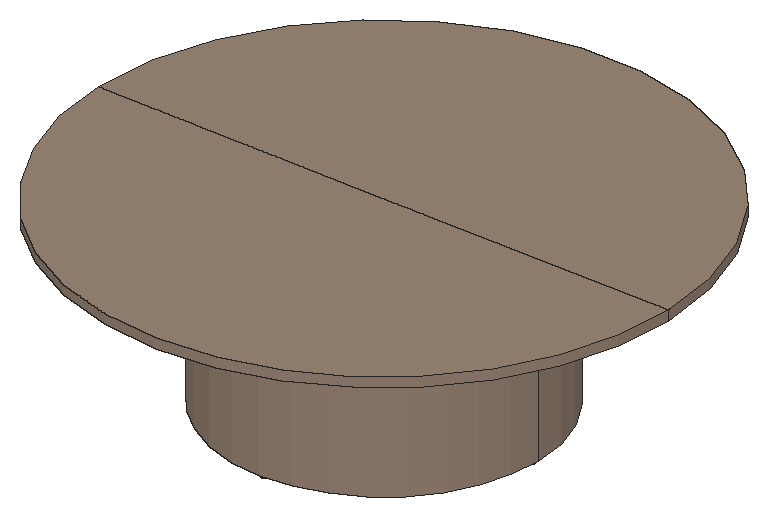
Revit family "Table-Teknion-CFRFFD_Figure_Table_Round_Drum_Base_Flat_Edge-R2023", category Furniture, Revit 2023 (continued)
Definition of nested family "7 Inch Compact Recessed Access Door"
  Forms (in)
    SweptBlend 7, solid, material <- "Finish"
      end profile origin (1350, -150, 29.06) x (-1, 0, 0) y (0, -1, 0)
        loop
          line (3.35074, -2.28346) -> (3.35074, 2.28346)
          arc (3.35074, 2.28346) -> (3.24455, 2.53983) -> (2.98819, 2.64602) r 0.36255
    SweptBlend 8, void
      path origin (0, -150, 0) x (1, 0, 0) y (0, 0, 1)
        loop
          line (1350, 28.30172) -> (1350, 29.13087)
      profile origin (1350, -150, 28.30172) x (-1, 0, 0) y (0, -1, 0)
        loop
          arc (-2.98819, 2.51573) -> (-3.15242, 2.4477) -> (-3.22045, 2.28346) r 0.23226
          line (-3.22045, 2.28346) -> (-3.22045, -2.28346)
          arc (-3.22045, -2.28346) -> (-3.15242, -2.4477) -> (-2.98819, -2.51573) r 0.23226
          line (-2.98819, -2.51573) -> (2.98819, -2.51573)
          arc (2.98819, -2.51573) -> (3.15242, -2.4477) -> (3.22045, -2.28346) r 0.23226
          line (3.22045, -2.28346) -> (3.22045, 2.28346)
          arc (3.22045, 2.28346) -> (3.15242, 2.4477) -> (2.98819, 2.51573) r 0.23226
          line (2.98819, 2.51573) -> (-2.98819, 2.51573)
      end profile origin (1350, -150, 29.13087) x (-1, 0, 0) y (0, -1, 0)
        loop
          arc (3.26378, 2.28346) -> (3.18306, 2.47834) -> (2.98819, 2.55906) r 0.27559
          line (2.98819, 2.55906) -> (-2.98819, 2.55906)
          arc (-2.98819, 2.55906) -> (-3.18306, 2.47834) -> (-3.26378, 2.28346) r 0.27559
          line (-3.26378, 2.28346) -> (-3.26378, -2.28346)
          arc (-3.26378, -2.28346) -> (-3.18306, -2.47834) -> (-2.98819, -2.55906) r 0.27559
          line (-2.98819, -2.55906) -> (2.98819, -2.55906)
          arc (2.98819, -2.55906) -> (3.18306, -2.47834) -> (3.26378, -2.28346) r 0.27559
          line (3.26378, -2.28346) -> (3.26378, 2.28346)
    Sweep 9, solid, material <- "Finish"
      path origin (0, -150, 0) x (1, 0, 0) y (0, 0, 1)
        loop
          line (1350, 29.13087) -> (1350, 29.06)
      profile origin (1350, -150, 29.09543) x (0, -1, 0) y (1, 0, 0)
        loop
          arc (-2.80315, -3.04331) -> (-2.66708, -3.37181) -> (-2.33858, -3.50787) r 0.46457
          line (-2.33858, -3.50787) -> (2.33858, -3.50787)
          arc (2.33858, -3.50787) -> (2.66708, -3.37181) -> (2.80315, -3.04331) r 0.46457
          line (2.80315, -3.04331) -> (2.80315, 3.04331)
          arc (2.80315, 3.04331) -> (2.66708, 3.37181) -> (2.33858, 3.50787) r 0.46457
          line (2.33858, 3.50787) -> (-2.33858, 3.50787)
          arc (-2.33858, 3.50787) -> (-2.66708, 3.37181) -> (-2.80315, 3.04331) r 0.46457
          line (-2.80315, 3.04331) -> (-2.80315, -3.04331)
        loop
          arc (-2.55535, -2.98819) -> (-2.47572, -3.18044) -> (-2.28346, -3.26008) r 0.27189
          line (-2.28346, -3.26008) -> (2.28346, -3.26008)
          arc (2.28346, -3.26008) -> (2.47572, -3.18044) -> (2.55535, -2.98819) r 0.27189
          line (2.55535, -2.98819) -> (2.55535, 2.98819)
          arc (2.55535, 2.98819) -> (2.47572, 3.18044) -> (2.28346, 3.26008) r 0.27189
          line (2.28346, 3.26008) -> (-2.28346, 3.26008)
          arc (-2.28346, 3.26008) -> (-2.47572, 3.18044) -> (-2.55535, 2.98819) r 0.27189
          line (-2.55535, 2.98819) -> (-2.55535, -2.98819)
    Sweep 10, solid, material <- "Finish"
      path origin (0, 0, 0) x (1, 0, 0) y (0, 1, 0)
        loop
          line (1347.02362, -150) -> (1346.71891, -150)
      profile origin (1346.87127, -150, 0) x (0, -1, 0) y (0, 0, 1)
        loop
          line (-1.55173, 28.30409) -> (-1.47299, 28.30409) -> (-1.47161, 28.34346) -> (1.47161, 28.34346) -> (1.47299, 28.30409) -> (1.55173, 28.30409) -> (1.53742, 28.71391)
          arc (1.53742, 28.71391) -> (1.46543, 28.87559) -> (1.30134, 28.94189) r 0.23622
          line (1.30134, 28.94189) -> (-1.30134, 28.94189)
          arc (-1.30134, 28.94189) -> (-1.46543, 28.87559) -> (-1.53742, 28.71391) r 0.23622
          line (-1.53742, 28.71391) -> (-1.55173, 28.30409)
    Sweep 11, solid, material <- "Finish"
      path origin (2700, 0, 0) x (-1, 0, 0) y (0, -1, 0)
        loop
          line (1347.02362, 150) -> (1346.71891, 150)
      profile origin (1353.12873, -150, 0) x (0, 1, 0) y (0, 0, 1)
        loop
          line (1.55173, 28.30409) -> (1.53742, 28.71391)
          arc (1.53742, 28.71391) -> (1.46543, 28.87559) -> (1.30134, 28.94189) r 0.23622
          line (1.30134, 28.94189) -> (-1.30134, 28.94189)
          arc (-1.30134, 28.94189) -> (-1.46543, 28.87559) -> (-1.53742, 28.71391) r 0.23622
          line (-1.53742, 28.71391) -> (-1.55173, 28.30409) -> (-1.47299, 28.30409) -> (-1.47161, 28.34346) -> (1.47161, 28.34346) -> (1.47299, 28.30409) -> (1.55173, 28.30409)
    Sweep 12, void
      path origin (0, 0, 0) x (1, 0, 0) y (0, 1, 0)
        loop
          line (1346.93307, -150) -> (1353.06693, -150)
      profile origin (1350, -150, 0) x (0, 1, 0) y (0, 0, 1)
        loop
          line (0.17902, 28.53406) -> (0.19327, 28.94189) -> (-0.19327, 28.94189) -> (-0.17902, 28.53406)
          arc (-0.17902, 28.53406) -> (0, 28.36118) -> (0.17902, 28.53406) r 0.17913
  Cuts and joins
    joined: Sweep 1, Sweep 2, Sweep 3
    SweptBlend 8 cuts SweptBlend 7
    joined: Sweep 6, SweptBlend 7, Sweep 9
    Sweep 12 cuts Sweep 10
    Sweep 12 cuts Sweep 11
  Lines and regions (in)
    Masking region 1
      outline origin (0, 0, 0) x (1, 0, 0) y (0, 1, 0)
        loop
          line (1353.04331, -147.19685) -> (1346.95669, -147.19685)
          arc (1346.95669, -147.19685) -> (1346.62819, -147.33292) -> (1346.49213, -147.66142) r 0.46457
          line (1346.49213, -147.66142) -> (1346.49213, -152.33858)
          arc (1346.49213, -152.33858) -> (1346.62819, -152.66708) -> (1346.95669, -152.80315) r 0.46457
          line (1346.95669, -152.80315) -> (1353.04331, -152.80315)
          arc (1353.04331, -152.80315) -> (1353.37181, -152.66708) -> (1353.50787, -152.33858) r 0.46457
          line (1353.50787, -152.33858) -> (1353.50787, -147.66142)
          arc (1353.50787, -147.66142) -> (1353.37181, -147.33292) -> (1353.04331, -147.19685) r 0.46457
        loop
          line (1346.77955, -148.44827) -> (1346.85163, -148.44827) -> (1346.85163, -148.14961)
          arc (1346.85163, -148.14961) -> (1346.88586, -148.06696) -> (1346.9685, -148.03273) r 0.11687
          line (1346.9685, -148.03273) -> (1353.0315, -148.03273)
          arc (1353.0315, -148.03273) -> (1353.11414, -148.06696) -> (1353.14837, -148.14961) r 0.11687
          line (1353.14837, -148.14961) -> (1353.14837, -148.44827) -> (1353.22045, -148.44827) -> (1353.22045, -147.71654)
          arc (1353.22045, -147.71654) -> (1353.15242, -147.5523) -> (1352.98819, -147.48427) r 0.23226
          line (1352.98819, -147.48427) -> (1347.01181, -147.48427)
          arc (1347.01181, -147.48427) -> (1346.84758, -147.5523) -> (1346.77955, -147.71654) r 0.23226
          line (1346.77955, -147.71654) -> (1346.77955, -148.44827)
        loop
          line (1346.77955, -151.55173) -> (1346.77955, -152.28346)
          arc (1346.77955, -152.28346) -> (1346.84758, -152.4477) -> (1347.01181, -152.51573) r 0.23226
          line (1347.01181, -152.51573) -> (1352.98819, -152.51573)
          arc (1352.98819, -152.51573) -> (1353.15242, -152.4477) -> (1353.22045, -152.28346) r 0.23226
          line (1353.22045, -152.28346) -> (1353.22045, -151.55173) -> (1353.14837, -151.55173) -> (1353.14837, -151.85039)
          arc (1353.14837, -151.85039) -> (1353.11414, -151.93304) -> (1353.0315, -151.96727) r 0.11687
          line (1353.0315, -151.96727) -> (1346.9685, -151.96727)
          arc (1346.9685, -151.96727) -> (1346.88586, -151.93304) -> (1346.85163, -151.85039) r 0.11687
          line (1346.85163, -151.85039) -> (1346.85163, -151.55173) -> (1346.77955, -151.55173)
    symbolic lines
      curve 1: line (1346.73992, -152.28346, 0) -> (1346.73992, -147.71654, 0)
      curve 2: line (1347.01181, -147.44465, 0) -> (1352.98819, -147.44465, 0)
      curve 3: arc (1346.73992, -147.71654, 0) -> (1346.81956, -147.52428, 0) -> (1347.01181, -147.44465, 0) r 0.27189
      curve 4: line (1353.26008, -147.71654, 0) -> (1353.26008, -152.28346, 0)
      curve 5: arc (1352.98819, -147.44465, 0) -> (1353.18044, -147.52428, 0) -> (1353.26008, -147.71654, 0) r 0.27189
      curve 6: line (1352.98819, -152.55535, 0) -> (1347.01181, -152.55535, 0)
      curve 7: arc (1353.26008, -152.28346, 0) -> (1353.18044, -152.47572, 0) -> (1352.98819, -152.55535, 0) r 0.27189
      curve 8: arc (1347.01181, -152.55535, 0) -> (1346.81956, -152.47572, 0) -> (1346.73992, -152.28346, 0) r 0.27189
      curve 9: line (1346.85163, -148.14961, 0) -> (1346.85163, -151.85039, 0)
      curve 10: line (1353.14837, -151.85039, 0) -> (1353.14837, -148.14961, 0)
      curve 11: line (1346.77955, -147.71654, 0) -> (1346.77955, -152.28346, 0)
      curve 12: line (1353.22045, -147.71654, 0) -> (1353.22045, -152.28346, 0)
      curve 47: line (1346.85163, -148.14961, 0) -> (1346.85163, -151.85039, 0)
      curve 48: line (1353.0315, -148.03273, 0) -> (1346.9685, -148.03273, 0)
      curve 49: arc (1346.9685, -148.03273, 0) -> (1346.88586, -148.06696, 0) -> (1346.85163, -148.14961, 0) r 0.11687
      curve 50: line (1353.14837, -151.85039, 0) -> (1353.14837, -148.14961, 0)
      curve 51: arc (1353.14837, -148.14961, 0) -> (1353.11414, -148.06696, 0) -> (1353.0315, -148.03273, 0) r 0.11687
      curve 52: line (1346.9685, -151.96727, 0) -> (1353.0315, -151.96727, 0)
      curve 53: arc (1353.0315, -151.96727, 0) -> (1353.11414, -151.93304, 0) -> (1353.14837, -151.85039, 0) r 0.11687
      curve 54: arc (1346.85163, -151.85039, 0) -> (1346.88586, -151.93304, 0) -> (1346.9685, -151.96727, 0) r 0.11687
      curve 55: line (1346.77955, -152.28346, 0) -> (1346.77955, -151.55173, 0)
      curve 56: line (1352.98819, -152.51573, 0) -> (1347.01181, -152.51573, 0)
      curve 57: arc (1347.01181, -152.51573, 0) -> (1346.84758, -152.4477, 0) -> (1346.77955, -152.28346, 0) r 0.23226
      curve 58: line (1353.22045, -151.55173, 0) -> (1353.22045, -152.28346, 0)
      curve 59: arc (1353.22045, -152.28346, 0) -> (1353.15242, -152.4477, 0) -> (1352.98819, -152.51573, 0) r 0.23226
      curve 60: line (1346.77955, -148.44827, 0) -> (1346.77955, -147.71654, 0)
      curve 61: line (1347.01181, -147.48427, 0) -> (1352.98819, -147.48427, 0)
      curve 62: arc (1346.77955, -147.71654, 0) -> (1346.84758, -147.5523, 0) -> (1347.01181, -147.48427, 0) r 0.23226
      curve 63: line (1353.22045, -147.71654, 0) -> (1353.22045, -148.44827, 0)
      curve 64: arc (1352.98819, -147.48427, 0) -> (1353.15242, -147.5523, 0) -> (1353.22045, -147.71654, 0) r 0.23226
      curve 65: line (1353.04331, -147.19685, 0) -> (1346.95669, -147.19685, 0)
      curve 66: arc (1346.95669, -147.19685, 0) -> (1346.62819, -147.33292, 0) -> (1346.49213, -147.66142, 0) r 0.46457
      curve 67: line (1346.49213, -147.66142, 0) -> (1346.49213, -152.33858, 0)
      curve 68: arc (1346.49213, -152.33858, 0) -> (1346.62819, -152.66708, 0) -> (1346.95669, -152.80315, 0) r 0.46457
      curve 69: line (1346.95669, -152.80315, 0) -> (1353.04331, -152.80315, 0)
      curve 70: arc (1353.04331, -152.80315, 0) -> (1353.37181, -152.66708, 0) -> (1353.50787, -152.33858, 0) r 0.46457
      curve 71: line (1353.50787, -152.33858, 0) -> (1353.50787, -147.66142, 0)
      curve 72: arc (1353.50787, -147.66142, 0) -> (1353.37181, -147.33292, 0) -> (1353.04331, -147.19685, 0) r 0.46457
    symbolic lines, detail levels medium+fine
      curve 13: line (1347.54528, -150.97283, 0) -> (1348.02559, -150.97283, 0)
      curve 14: line (1348.02559, -150.97283, 0) -> (1348.02559, -151.5626, 0)
      curve 15: line (1348.02559, -151.5626, 0) -> (1347.54528, -151.5626, 0)
      curve 16: line (1347.54528, -151.5626, 0) -> (1347.54528, -150.97283, 0)
      curve 17: line (1351.97441, -148.4374, 0) -> (1352.45472, -148.4374, 0)
      curve 18: line (1351.97441, -149.02717, 0) -> (1351.97441, -148.4374, 0)
      curve 19: line (1352.45472, -149.02717, 0) -> (1351.97441, -149.02717, 0)
      curve 20: line (1352.45472, -148.4374, 0) -> (1352.45472, -149.02717, 0)
      curve 21: line (1347.05512, -148.44685, 0) -> (1347.47244, -148.44685, 0)
      curve 22: line (1347.05512, -151.55315, 0) -> (1347.05512, -148.44685, 0)
      curve 23: line (1347.47244, -151.55315, 0) -> (1347.05512, -151.55315, 0)
      curve 24: line (1347.47244, -148.44685, 0) -> (1347.47244, -151.55315, 0)
      curve 25: line (1347.02362, -151.55173, 0) -> (1346.73992, -151.55173, 0)
      curve 26: line (1347.02362, -151.55173, 0) -> (1347.02362, -148.44827, 0)
      curve 27: line (1347.02362, -148.44827, 0) -> (1346.73992, -148.44827, 0)
      curve 28: line (1346.77955, -148.55314, 0) -> (1347.41732, -148.55314, 0)
      curve 29: line (1347.41732, -148.55314, 0) -> (1347.41732, -151.44686, 0)
      curve 30: line (1347.41732, -151.44686, 0) -> (1346.77955, -151.44686, 0)
      curve 31: line (1347.02362, -149.80673, 0) -> (1346.93307, -149.80673, 0)
      curve 32: line (1346.93307, -149.80673, 0) -> (1346.93307, -150.19327, 0)
      curve 33: line (1346.93307, -150.19327, 0) -> (1347.02362, -150.19327, 0)
      curve 34: line (1352.94488, -148.44685, 0) -> (1352.52756, -148.44685, 0)
      curve 35: line (1352.94488, -151.55315, 0) -> (1352.94488, -148.44685, 0)
      curve 36: line (1352.52756, -151.55315, 0) -> (1352.94488, -151.55315, 0)
      curve 37: line (1352.52756, -148.44685, 0) -> (1352.52756, -151.55315, 0)
      curve 38: line (1352.97638, -151.55173, 0) -> (1353.26008, -151.55173, 0)
      curve 39: line (1352.97638, -151.55173, 0) -> (1352.97638, -148.44827, 0)
      curve 40: line (1352.97638, -148.44827, 0) -> (1353.26008, -148.44827, 0)
      curve 41: line (1353.22045, -148.55314, 0) -> (1352.58268, -148.55314, 0)
      curve 42: line (1352.58268, -148.55314, 0) -> (1352.58268, -151.44686, 0)
      curve 43: line (1352.58268, -151.44686, 0) -> (1353.22045, -151.44686, 0)
      curve 44: line (1352.97638, -149.80673, 0) -> (1353.06693, -149.80673, 0)
      curve 45: line (1353.06693, -149.80673, 0) -> (1353.06693, -150.19327, 0)
      curve 46: line (1353.06693, -150.19327, 0) -> (1352.97638, -150.19327, 0)
  Dimensions and locks (in)
    plane 4 "Left" to plane 5 "Right" = 7.01575"
    plane 6 "Back" to plane 7 "Front" = 5.6063"
    locked: plane 8 "Top" to level at 29.06
    equal spacing: plane 7 "Front", plane 1 "Center Front/Back", plane 6 "Back"
    equal spacing: plane 4 "Left", plane 3 "Center Left/Right", plane 5 "Right"
    plane 9 to plane 8 "Top" to plane 10 = 0.07087" locked, 1.50394" locked
    aligned and locked: level to plane 2
    aligned and locked: Sweep 6 sketch curve to plane 3 "Center Left/Right"
    aligned and locked: plane 3 "Center Left/Right" to SweptBlend 8 sketch curve
    aligned and locked: Sweep 10 sketch curve to plane 1 "Center Front/Back"
  Automatic sketch dimensions
    Sweep 1 sketch curve to plane 3 "Center Left/Right" = 0.000"
    Sweep 1 sketch curve to plane 8 "Top" = 0.12598"
    plane 8 "Top" to Sweep 1 sketch curve = 0.0315"
    Sweep 1 sketch curve to plane 1 "Center Front/Back" = 1.96727"
    Sweep 1 sketch curve to Sweep 1 sketch curve = 0.11687"  (x3)
    plane 1 "Center Front/Back" to Sweep 1 sketch curve = 1.85039"  (x2)
    profile plane to Sweep 1 sketch curve = 3.14837"
    Sweep 1 sketch curve to profile plane = 3.0315"
    plane 4 "Left" to Sweep 2 sketch curve = 1.05315"
    plane 1 "Center Front/Back" to Sweep 2 sketch curve = 0.97077"
    Sweep 2 sketch curve to Sweep 2 sketch curve = 0.48031"
    Sweep 2 sketch curve to profile plane = 0.000"
    profile plane to Sweep 2 sketch curve = 0.01169"
    Sweep 2 sketch curve to Sweep 2 sketch curve = 0.28526"
    Sweep 2 sketch curve to Sweep 2 sketch curve = 0.01169"
    level to Sweep 2 sketch curve = 28.65831"
    Sweep 2 sketch curve to Sweep 2 sketch curve = 0.33476"
    plane 5 "Right" to Sweep 3 sketch curve = 1.53346"
    Sweep 3 sketch curve to plane 6 "Back" = 1.23848"
    Sweep 3 sketch curve to Sweep 3 sketch curve = 0.48031"
    Sweep 3 sketch curve to profile plane = 0.000"
    profile plane to Sweep 3 sketch curve = 0.01169"
    Sweep 3 sketch curve to Sweep 3 sketch curve = 0.28526"
    Sweep 3 sketch curve to Sweep 3 sketch curve = 0.01169"
    level to Sweep 3 sketch curve = 28.65831"
    Sweep 3 sketch curve to Sweep 3 sketch curve = 0.33476"
    plane 1 "Center Front/Back" to Sweep 4 sketch curve = 0.000"
    plane 4 "Left" to Sweep 4 sketch curve = 0.56299"
    Sweep 4 sketch curve to Sweep 4 sketch curve = 0.41732"
    Sweep 4 sketch curve to Sweep 4 sketch curve = 0.000"  (x4)
    profile plane to Sweep 4 sketch curve = 1.26772"
    Sweep 4 sketch curve to profile plane = 1.26772"
    level to Sweep 4 sketch curve = 28.38283"
    Sweep 4 sketch curve to Sweep 4 sketch curve = 0.28543"
    plane 1 "Center Front/Back" to Sweep 5 sketch curve = 0.000"
    plane 5 "Right" to Sweep 5 sketch curve = 0.56299"
    Sweep 5 sketch curve to Sweep 5 sketch curve = 0.41732"
    Sweep 5 sketch curve to Sweep 5 sketch curve = 0.000"  (x4)
    profile plane to Sweep 5 sketch curve = 1.26772"
    Sweep 5 sketch curve to profile plane = 1.26772"
    level to Sweep 5 sketch curve = 28.38283"
    Sweep 5 sketch curve to Sweep 5 sketch curve = 0.28543"
    Sweep 6 sketch curve to plane 10 = 0.000"
    Sweep 6 sketch curve to Sweep 6 sketch curve = 0.74566"
    Sweep 6 sketch curve to Sweep 6 sketch curve = 0.000"  (x8)
    Sweep 6 sketch curve to plane 1 "Center Front/Back" = 2.60628"
    Sweep 6 sketch curve to Sweep 6 sketch curve = 0.09055"  (x2)
    Sweep 6 sketch curve to Sweep 6 sketch curve = 0.23226"  (x3)
    Sweep 6 sketch curve to Sweep 6 sketch curve = 0.8366"  (x4)
    Sweep 6 sketch curve to Sweep 6 sketch curve = 0.09061"  (x4)
    plane 1 "Center Front/Back" to Sweep 6 sketch curve = 1.35626"  (x2)
    profile plane to Sweep 6 sketch curve = 3.311"
    Sweep 6 sketch curve to Sweep 6 sketch curve = 0.63777"
    Sweep 6 sketch curve to profile plane = 2.58268"
    Sweep 6 sketch curve to Sweep 6 sketch curve = 0.40551"
    SweptBlend 7 sketch curve to plane 3 "Center Left/Right" = 0.000"
    SweptBlend 7 sketch curve to plane 8 "Top" = 0.000"
    plane 10 to SweptBlend 7 sketch curve = 0.74566"
    profile plane to SweptBlend 7 sketch curve = 3.311"
    SweptBlend 7 sketch curve to SweptBlend 7 sketch curve = 0.32281"  (x3)
    SweptBlend 7 sketch curve to profile plane = 2.98819"  (x4)
    SweptBlend 7 sketch curve to plane 1 "Center Front/Back" = 2.60628"
    plane 1 "Center Front/Back" to SweptBlend 7 sketch curve = 2.28346"  (x2)
    profile plane to SweptBlend 7 sketch curve = 3.35074"
    SweptBlend 7 sketch curve to SweptBlend 7 sketch curve = 0.36255"  (x3)
    SweptBlend 7 sketch curve to plane 1 "Center Front/Back" = 2.64602"
    SweptBlend 8 sketch curve to plane 9 = 0.000"
    plane 10 to SweptBlend 8 sketch curve = 0.74566"
    profile plane to SweptBlend 8 sketch curve = 3.22045"
    SweptBlend 8 sketch curve to SweptBlend 8 sketch curve = 0.23226"  (x3)
    SweptBlend 8 sketch curve to profile plane = 2.98819"  (x4)
    SweptBlend 8 sketch curve to plane 1 "Center Front/Back" = 2.51573"
    plane 1 "Center Front/Back" to SweptBlend 8 sketch curve = 2.28346"  (x2)
    profile plane to SweptBlend 8 sketch curve = 3.26378"
    SweptBlend 8 sketch curve to SweptBlend 8 sketch curve = 0.27559"  (x3)
    SweptBlend 8 sketch curve to plane 1 "Center Front/Back" = 2.28346"
    Sweep 9 sketch curve to plane 3 "Center Left/Right" = 0.000"
    Sweep 9 sketch curve to plane 8 "Top" = 0.000"
    Sweep 9 sketch curve to plane 9 = 0.000"
    Sweep 9 sketch curve to plane 1 "Center Front/Back" = 2.80315"
    Sweep 9 sketch curve to Sweep 9 sketch curve = 0.2478"  (x2)
    Sweep 9 sketch curve to Sweep 9 sketch curve = 0.21677"  (x4)
    Sweep 9 sketch curve to Sweep 9 sketch curve = 0.05512"  (x5)
    plane 1 "Center Front/Back" to Sweep 9 sketch curve = 2.28346"  (x2)
    profile plane to Sweep 9 sketch curve = 3.50787"
    Sweep 9 sketch curve to profile plane = 2.98819"
    plane 4 "Left" to Sweep 10 sketch curve = 0.22679"
    Sweep 10 sketch curve to Sweep 10 sketch curve = 0.30471"
    profile plane to Sweep 10 sketch curve = 1.55173"
    Sweep 10 sketch curve to Sweep 10 sketch curve = 0.01431"
    Sweep 10 sketch curve to Sweep 10 sketch curve = 0.07874"  (x2)
    Sweep 10 sketch curve to Sweep 10 sketch curve = 0.00137"  (x2)
    Sweep 10 sketch curve to Sweep 10 sketch curve = 0.23608"  (x2)
    Sweep 10 sketch curve to profile plane = 1.30134"
    Sweep 10 sketch curve to Sweep 10 sketch curve = 0.17027"
    level to Sweep 10 sketch curve = 28.30409"
    Sweep 10 sketch curve to Sweep 10 sketch curve = 0.000"
    Sweep 10 sketch curve to Sweep 10 sketch curve = 0.03937"
    Sweep 10 sketch curve to Sweep 10 sketch curve = 0.3622"  (x2)
    Sweep 10 sketch curve to Sweep 10 sketch curve = 0.00824"
    plane 1 "Center Front/Back" to Sweep 11 sketch curve = 0.000"
    plane 5 "Right" to Sweep 11 sketch curve = 0.22679"
    Sweep 11 sketch curve to Sweep 11 sketch curve = 0.30471"
    profile plane to Sweep 11 sketch curve = 1.55173"
    Sweep 11 sketch curve to Sweep 11 sketch curve = 0.01431"
    Sweep 11 sketch curve to Sweep 11 sketch curve = 0.07874"  (x2)
    Sweep 11 sketch curve to Sweep 11 sketch curve = 0.00137"  (x2)
    Sweep 11 sketch curve to Sweep 11 sketch curve = 0.23608"  (x2)
    Sweep 11 sketch curve to profile plane = 1.30134"
    Sweep 11 sketch curve to Sweep 11 sketch curve = 0.17027"
    level to Sweep 11 sketch curve = 28.30409"
    Sweep 11 sketch curve to Sweep 11 sketch curve = 0.000"
    Sweep 11 sketch curve to Sweep 11 sketch curve = 0.03937"
    Sweep 11 sketch curve to Sweep 11 sketch curve = 0.3622"  (x2)
    Sweep 11 sketch curve to Sweep 11 sketch curve = 0.00824"
    plane 1 "Center Front/Back" to Sweep 12 sketch curve = 0.000"
    plane 4 "Left" to Sweep 12 sketch curve = 0.44094"
    plane 5 "Right" to Sweep 12 sketch curve = 0.44094"
    profile plane to Sweep 12 sketch curve = 0.19327"
    Sweep 12 sketch curve to profile plane = 0.17902"
    Sweep 12 sketch curve to profile plane = 0.19327"
    Sweep 12 sketch curve to Sweep 12 sketch curve = 0.40783"  (x2)
    level to Sweep 12 sketch curve = 28.53406"
    profile plane to Sweep 12 sketch curve = 0.17902"
    Sweep 12 sketch curve to Sweep 12 sketch curve = 0.00625"
    Masking region 1 sketch curve to plane 4 "Left" = 0.000"
    Masking region 1 sketch curve to plane 6 "Back" = 0.000"
    plane 7 "Front" to Masking region 1 sketch curve = 0.000"
    Masking region 1 sketch curve to plane 5 "Right" = 0.000"
    plane 4 "Left" to Masking region 1 sketch curve = 0.28742"  (x2)
    Masking region 1 sketch curve to Masking region 1 sketch curve = 0.07208"  (x3)
    Masking region 1 sketch curve to Masking region 1 sketch curve = 0.17714"  (x2)
    plane 4 "Left" to Masking region 1 sketch curve = 0.46457"
    Masking region 1 sketch curve to Masking region 1 sketch curve = 0.11687"  (x4)
    Masking region 1 sketch curve to Masking region 1 sketch curve = 0.05512"  (x5)
    Masking region 1 sketch curve to plane 7 "Front" = 0.28742"
    plane 5 "Right" to Masking region 1 sketch curve = 0.51969"  (x2)
    Masking region 1 sketch curve to Masking region 1 sketch curve = 0.04331"  (x2)
    Masking region 1 sketch curve to Masking region 1 sketch curve = 0.3162"
    Masking region 1 sketch curve to Masking region 1 sketch curve = 0.29867"  (x3)
    Masking region 1 sketch curve to Masking region 1 sketch curve = 0.78686"  (x2)
    plane 4 "Left" to curve 1 = 0.2478"
    curve 31 to plane 1 "Center Front/Back" = 0.19327"
    plane 4 "Left" to curve 31 = 0.44094"
    curve 3 to curve 3 = 0.27189"
    curve 6 to plane 7 "Front" = 0.2478"
    curve 8 to curve 6 = 0.27189"
    curve 25 to curve 26 = 0.2837"
    curve 25 to curve 23 = 0.0315"
    curve 21 to curve 29 = 0.3622"
    curve 29 to curve 23 = 0.05512"
    curve 29 to curve 16 = 0.12795"
    curve 15 to curve 15 = 0.48031"
    plane 5 "Right" to curve 17 = 1.53346"
    curve 18 to curve 20 = 0.48031"
    plane 5 "Right" to curve 37 = 0.98031"
    curve 34 to curve 41 = 0.05512"
    curve 41 to curve 35 = 0.3622"
    curve 34 to curve 40 = 0.0315"
    curve 2 to plane 6 "Back" = 0.2478"
    plane 5 "Right" to curve 2 = 0.51969"
    plane 5 "Right" to curve 7 = 0.51969"
    curve 46 to curve 45 = 0.09055"
    plane 5 "Right" to curve 4 = 0.2478"
    curve 7 to curve 36 = 0.73031"
    curve 15 to curve 24 = 0.00945"
    curve 22 to curve 26 = 0.00142"
    curve 35 to curve 38 = 0.00142"
    curve 36 to curve 43 = 0.10628"
    curve 23 to curve 30 = 0.10628"
    curve 14 to curve 13 = 0.58977"
    plane 1 "Center Front/Back" to curve 32 = 0.19327"
    plane 1 "Center Front/Back" to curve 46 = 0.19327"
    curve 44 to plane 1 "Center Front/Back" = 0.19327"
    curve 44 to curve 19 = 0.77956"
    curve 19 to curve 42 = 0.47404"
    curve 28 to curve 26 = 0.10486"
    curve 41 to curve 39 = 0.10486"
    curve 39 to curve 34 = 0.00142"
    curve 26 to curve 21 = 0.00142"
    curve 34 to curve 17 = 0.00945"
    curve 25 to curve 9 = 0.11171"
    curve 10 to curve 40 = 0.11171"
    curve 12 to curve 7 = 0.03963"
    curve 8 to curve 11 = 0.000"
    curve 10 to curve 38 = 0.29867"
    curve 9 to curve 25 = 0.29867"
    curve 40 to curve 10 = 0.29867"
    curve 27 to curve 9 = 0.29867"
    curve 3 to curve 11 = 0.000"
    curve 12 to curve 5 = 0.000"
    curve 49 to curve 49 = 0.11687"
    curve 48 to curve 10 = 0.11687"
    curve 53 to curve 53 = 0.11687"
    curve 9 to curve 52 = 0.11687"
    curve 8 to curve 57 = 0.000"
    curve 56 to curve 6 = 0.000"
    curve 3 to curve 62 = 0.000"
    curve 61 to curve 2 = 0.000"
    curve 67 to plane 4 "Left" = 0.000"
    curve 65 to plane 6 "Back" = 0.000"
    plane 7 "Front" to curve 68 = 0.000"
    curve 70 to plane 5 "Right" = 0.000"
    curve 65 to curve 2 = 0.05512"
    curve 68 to curve 8 = 0.05512"
    curve 5 to curve 72 = 0.05512"
    curve 7 to curve 70 = 0.05512"
Definition of nested family "12 Inch Standard Recessed Access Door"
  Parameters (values of type "12 Inch Compact Recessed Access Door")
    Warranty = "http://www.teknion.com/ca/papers/legal-canada"
    Unit Weight URL = "http://www.teknion.com/ca/tools/assets#&asset=bee6a381-b954-425e-8283-5a2de3a804f2,f828d448-4b62-4231-9e5f-9a8991c0ed77"
    URL = "www.teknion.com"
    To render please download texture images found here [instance] = "https://assets.teknion.com/web/5e81352c1dfdb467/revit-material-swatches/"
    Sustainability Data = "https://www.teknion.com/ca/tools/assets#&topic=216f99a5-57a0-44fc-b10a-9dee9b29ae4c&asset=444deb64-fe58-4b68-981e-f75e97781df7,b4ff2d81-9f2e-437d-9659-7cffb09c31cf"
    Series = ""
    Product Page URL = ""
    Product Line = ""
    Product Documentation Link = ""
    Part Number = ""
    Model = "1"
    Manufacturer Phone = "416-661-3370"  # constant formula
    Manufacturer Fax = "416.661.4586"  # constant formula
    Manufacturer Contact Information = "http://www.teknion.com/ca/contactus"
    Manufacturer Address = "1150 Flint Road, Toronto, ON. M3J 2J5. Canada"  # constant formula
    Manufacturer = "Teknion"  # constant formula
    How To Use Teknion Materials User Guide [instance] = "https://assets.teknion.com/m/205dd0a49fa58060/original/How-to-add-a-Material-Library-and-Texture-Images-to-your-Revit-project.pdf"
    For Additional Finishes please visit [instance] = "https://assets.teknion.com/m/44a8009b046e5d47/original/Teknion_Materials_Library.zip"
    Finish [instance] = none
    Description = "12 Inch Compact Recessed Access Door"
    Default Elevation = 0.000"
    Assembly Code = "E2020200"
  Reference planes (in)
    plane 1 "Center Front/Back": y = -150
    plane 2: z = 0
    plane 3 "Center Left/Right": x = 1350
    plane 4 "Left": x = 1343.97244
    plane 5 "Right": x = 1356.02756
    plane 6 "Back": y = -147.19685
    plane 7 "Front": y = -152.80315
    plane 8 "Top": z = 29.06
    plane 9: z = 29.13087
    plane 10: z = 27.55606
  Forms (in)
    Sweep 1, solid, material <- "Finish"
      path origin (0, -150, 0) x (1, 0, 0) y (0, 0, 1)
        loop
          line (1350, 29.0915) -> (1350, 28.93402)
      profile origin (1350, -150, 29.01276) x (0, -1, 0) y (1, 0, 0)
        loop
          line (-1.96727, 5.55118) -> (-1.96727, -5.55118)
          arc (-1.96727, -5.55118) -> (-1.93304, -5.63382) -> (-1.85039, -5.66805) r 0.11687
          line (-1.85039, -5.66805) -> (1.85039, -5.66805)
          arc (1.85039, -5.66805) -> (1.93304, -5.63382) -> (1.96727, -5.55118) r 0.11687
          line (1.96727, -5.55118) -> (1.96727, 5.55118)
          arc (1.96727, 5.55118) -> (1.93304, 5.63382) -> (1.85039, 5.66805) r 0.11687
          line (1.85039, 5.66805) -> (-1.85039, 5.66805)
          arc (-1.85039, 5.66805) -> (-1.93304, 5.63382) -> (-1.96727, 5.55118) r 0.11687
    Sweep 2, solid, material <- "Finish"
      path origin (0, 0, 0) x (1, 0, 0) y (0, 1, 0)
        loop
          line (1345.02559, -150.97077) -> (1345.50591, -150.97077)
      profile origin (1345.26575, -150.97077, 0) x (0, 1, 0) y (0, 0, 1)
        loop
          arc (-0.58221, 28.65831) -> (-0.29695, 28.37305) -> (-0.01169, 28.65831) r 0.28526
          line (-0.01169, 28.65831) -> (0, 28.99307) -> (-0.5939, 28.99307) -> (-0.58221, 28.65831)
    Sweep 3, solid, material <- "Finish"
      path origin (4.42913, 2.53543, 0) x (1, 0, 0) y (0, 1, 0)
        loop
          line (1350.06496, -150.97077) -> (1350.54528, -150.97077)
      profile origin (1354.73425, -148.43533, 0) x (0, 1, 0) y (0, 0, 1)
        loop
          arc (-0.58221, 28.65831) -> (-0.29695, 28.37305) -> (-0.01169, 28.65831) r 0.28526
          line (-0.01169, 28.65831) -> (0, 28.99307) -> (-0.5939, 28.99307) -> (-0.58221, 28.65831)
    Sweep 4, solid, material <- "Finish"
      path origin (0, 0, 0) x (1, 0, 0) y (0, 1, 0)
        loop
          line (1344.95276, -150) -> (1344.53543, -150)
      profile origin (1344.74409, -150, 0) x (0, -1, 0) y (0, 0, 1)
        loop
          line (1.26772, 28.9537) -> (-1.26772, 28.9537)
          arc (-1.26772, 28.9537) -> (-1.46955, 28.8701) -> (-1.55315, 28.66827) r 0.28543
          arc (-1.55315, 28.66827) -> (-1.46955, 28.46644) -> (-1.26772, 28.38283) r 0.28543
          line (-1.26772, 28.38283) -> (1.26772, 28.38283)
          arc (1.26772, 28.38283) -> (1.46955, 28.46644) -> (1.55315, 28.66827) r 0.28543
          arc (1.55315, 28.66827) -> (1.46955, 28.8701) -> (1.26772, 28.9537) r 0.28543
    Sweep 5, solid, material <- "Finish"
      path origin (2700, 0, 0) x (-1, 0, 0) y (0, -1, 0)
        loop
          line (1344.95276, 150) -> (1344.53543, 150)
      profile origin (1355.25591, -150, 0) x (0, 1, 0) y (0, 0, 1)
        loop
          arc (-1.26772, 28.9537) -> (-1.46955, 28.8701) -> (-1.55315, 28.66827) r 0.28543
          arc (-1.55315, 28.66827) -> (-1.46955, 28.46644) -> (-1.26772, 28.38283) r 0.28543
          line (-1.26772, 28.38283) -> (1.26772, 28.38283)
          arc (1.26772, 28.38283) -> (1.46955, 28.46644) -> (1.55315, 28.66827) r 0.28543
          arc (1.55315, 28.66827) -> (1.46955, 28.8701) -> (1.26772, 28.9537) r 0.28543
          line (1.26772, 28.9537) -> (-1.26772, 28.9537)
    Sweep 6, solid, material <- "Finish"
      path origin (0, -150, 0) x (1, 0, 0) y (0, 0, 1)
        loop
          line (1350, 28.30172) -> (1350, 27.55606)
      profile origin (1350, -150, 27.92889) x (0, -1, 0) y (1, 0, 0)
        loop
          line (1.35626, -5.83069) -> (2.28346, -5.83069)
          arc (2.28346, -5.83069) -> (2.51173, -5.73614) -> (2.60628, -5.50787) r 0.32281
          line (2.60628, -5.50787) -> (2.60628, 5.50787)
          arc (2.60628, 5.50787) -> (2.51173, 5.73614) -> (2.28346, 5.83069) r 0.32281
          line (2.28346, 5.83069) -> (1.35626, 5.83069) -> (-1.35626, 5.83069) -> (-2.28346, 5.83069)
          arc (-2.28346, 5.83069) -> (-2.51173, 5.73614) -> (-2.60628, 5.50787) r 0.32281
          line (-2.60628, 5.50787) -> (-2.60628, -5.50787)
          arc (-2.60628, -5.50787) -> (-2.51173, -5.73614) -> (-2.28346, -5.83069) r 0.32281
          line (-2.28346, -5.83069) -> (-1.35626, -5.83069) -> (1.35626, -5.83069)
        loop
          arc (2.28346, -5.74014) -> (2.4477, -5.67211) -> (2.51573, -5.50787) r 0.23226
          line (2.51573, -5.50787) -> (2.51573, 5.50787)
          arc (2.51573, 5.50787) -> (2.4477, 5.67211) -> (2.28346, 5.74014) r 0.23226
          line (2.28346, 5.74014) -> (1.44686, 5.74014) -> (1.44686, 5.10236) -> (-1.44686, 5.10236) -> (-1.44686, 5.74014) -> (-2.28346, 5.74014)
          arc (-2.28346, 5.74014) -> (-2.4477, 5.67211) -> (-2.51573, 5.50787) r 0.23226
          line (-2.51573, 5.50787) -> (-2.51573, -5.50787)
          arc (-2.51573, -5.50787) -> (-2.4477, -5.67211) -> (-2.28346, -5.74014) r 0.23226
          line (-2.28346, -5.74014) -> (-1.44686, -5.74014) -> (-1.44686, -5.10236) -> (1.44686, -5.10236) -> (1.44686, -5.74014) -> (2.28346, -5.74014)
    SweptBlend 7, solid, material <- "Finish"
      path origin (0, -150, 0) x (1, 0, 0) y (0, 0, 1)
        loop
          line (1350, 28.30172) -> (1350, 29.06)
      profile origin (1350, -150, 28.30172) x (-1, 0, 0) y (0, -1, 0)
        loop
          line (5.50787, 2.60628) -> (-5.50787, 2.60628)
          arc (-5.50787, 2.60628) -> (-5.73614, 2.51173) -> (-5.83069, 2.28346) r 0.32281
          line (-5.83069, 2.28346) -> (-5.83069, -2.28346)
          arc (-5.83069, -2.28346) -> (-5.73614, -2.51173) -> (-5.50787, -2.60628) r 0.32281
          line (-5.50787, -2.60628) -> (5.50787, -2.60628)
          arc (5.50787, -2.60628) -> (5.73614, -2.51173) -> (5.83069, -2.28346) r 0.32281
          line (5.83069, -2.28346) -> (5.83069, 2.28346)
          arc (5.83069, 2.28346) -> (5.73614, 2.51173) -> (5.50787, 2.60628) r 0.32281
      end profile origin (1350, -150, 29.06) x (-1, 0, 0) y (0, -1, 0)
        loop
          line (5.50787, 2.64602) -> (-5.50787, 2.64602)
          arc (-5.50787, 2.64602) -> (-5.76424, 2.53983) -> (-5.87043, 2.28346) r 0.36255
          line (-5.87043, 2.28346) -> (-5.87043, -2.28346)
          arc (-5.87043, -2.28346) -> (-5.76424, -2.53983) -> (-5.50787, -2.64602) r 0.36255
          line (-5.50787, -2.64602) -> (5.50787, -2.64602)
          arc (5.50787, -2.64602) -> (5.76424, -2.53983) -> (5.87043, -2.28346) r 0.36255
          line (5.87043, -2.28346) -> (5.87043, 2.28346)
          arc (5.87043, 2.28346) -> (5.76424, 2.53983) -> (5.50787, 2.64602) r 0.36255
    SweptBlend 8, void
      path origin (0, -150, 0) x (1, 0, 0) y (0, 0, 1)
        loop
          line (1350, 28.30172) -> (1350, 29.13087)
      profile origin (1350, -150, 28.30172) x (-1, 0, 0) y (0, -1, 0)
        loop
          arc (-5.50787, 2.51573) -> (-5.67211, 2.4477) -> (-5.74014, 2.28346) r 0.23226
          line (-5.74014, 2.28346) -> (-5.74014, -2.28346)
          arc (-5.74014, -2.28346) -> (-5.67211, -2.4477) -> (-5.50787, -2.51573) r 0.23226
          line (-5.50787, -2.51573) -> (5.50787, -2.51573)
          arc (5.50787, -2.51573) -> (5.67211, -2.4477) -> (5.74014, -2.28346) r 0.23226
          line (5.74014, -2.28346) -> (5.74014, 2.28346)
          arc (5.74014, 2.28346) -> (5.67211, 2.4477) -> (5.50787, 2.51573) r 0.23226
          line (5.50787, 2.51573) -> (-5.50787, 2.51573)
      end profile origin (1350, -150, 29.13087) x (-1, 0, 0) y (0, -1, 0)
        loop
          arc (5.78346, 2.28346) -> (5.70275, 2.47834) -> (5.50787, 2.55906) r 0.27559
          line (5.50787, 2.55906) -> (-5.50787, 2.55906)
          arc (-5.50787, 2.55906) -> (-5.70275, 2.47834) -> (-5.78346, 2.28346) r 0.27559
          line (-5.78346, 2.28346) -> (-5.78346, -2.28346)
          arc (-5.78346, -2.28346) -> (-5.70275, -2.47834) -> (-5.50787, -2.55906) r 0.27559
          line (-5.50787, -2.55906) -> (5.50787, -2.55906)
          arc (5.50787, -2.55906) -> (5.70275, -2.47834) -> (5.78346, -2.28346) r 0.27559
          line (5.78346, -2.28346) -> (5.78346, 2.28346)
    Sweep 9, solid, material <- "Finish"
      path origin (0, -150, 0) x (1, 0, 0) y (0, 0, 1)
        loop
          line (1350, 29.13087) -> (1350, 29.06)
      profile origin (1350, -150, 29.09543) x (0, -1, 0) y (1, 0, 0)
        loop
          arc (-2.80315, -5.56299) -> (-2.66708, -5.89149) -> (-2.33858, -6.02756) r 0.46457
          line (-2.33858, -6.02756) -> (2.33858, -6.02756)
          arc (2.33858, -6.02756) -> (2.66708, -5.89149) -> (2.80315, -5.56299) r 0.46457
          line (2.80315, -5.56299) -> (2.80315, 5.56299)
          arc (2.80315, 5.56299) -> (2.66708, 5.89149) -> (2.33858, 6.02756) r 0.46457
          line (2.33858, 6.02756) -> (-2.33858, 6.02756)
          arc (-2.33858, 6.02756) -> (-2.66708, 5.89149) -> (-2.80315, 5.56299) r 0.46457
          line (-2.80315, 5.56299) -> (-2.80315, -5.56299)
        loop
          arc (-2.55535, -5.50787) -> (-2.47572, -5.70013) -> (-2.28346, -5.77976) r 0.27189
          line (-2.28346, -5.77976) -> (2.28346, -5.77976)
          arc (2.28346, -5.77976) -> (2.47572, -5.70013) -> (2.55535, -5.50787) r 0.27189
          line (2.55535, -5.50787) -> (2.55535, 5.50787)
          arc (2.55535, 5.50787) -> (2.47572, 5.70013) -> (2.28346, 5.77976) r 0.27189
          line (2.28346, 5.77976) -> (-2.28346, 5.77976)
          arc (-2.28346, 5.77976) -> (-2.47572, 5.70013) -> (-2.55535, 5.50787) r 0.27189
          line (-2.55535, 5.50787) -> (-2.55535, -5.50787)
    Sweep 10, solid, material <- "Finish"
      path origin (0, 0, 0) x (1, 0, 0) y (0, 1, 0)
        loop
          line (1344.50394, -150) -> (1344.19923, -150)
      profile origin (1344.35158, -150, 0) x (0, -1, 0) y (0, 0, 1)
        loop
          line (-1.55173, 28.30409) -> (-1.47299, 28.30409) -> (-1.47161, 28.34346) -> (1.47161, 28.34346) -> (1.47299, 28.30409) -> (1.55173, 28.30409) -> (1.53742, 28.71391)
          arc (1.53742, 28.71391) -> (1.46543, 28.87559) -> (1.30134, 28.94189) r 0.23622
          line (1.30134, 28.94189) -> (-1.30134, 28.94189)
          arc (-1.30134, 28.94189) -> (-1.46543, 28.87559) -> (-1.53742, 28.71391) r 0.23622
          line (-1.53742, 28.71391) -> (-1.55173, 28.30409)
    Sweep 11, solid, material <- "Finish"
      path origin (2700, 0, 0) x (-1, 0, 0) y (0, -1, 0)
        loop
          line (1344.50394, 150) -> (1344.19923, 150)
      profile origin (1355.64842, -150, 0) x (0, 1, 0) y (0, 0, 1)
        loop
          line (1.55173, 28.30409) -> (1.53742, 28.71391)
          arc (1.53742, 28.71391) -> (1.46543, 28.87559) -> (1.30134, 28.94189) r 0.23622
          line (1.30134, 28.94189) -> (-1.30134, 28.94189)
          arc (-1.30134, 28.94189) -> (-1.46543, 28.87559) -> (-1.53742, 28.71391) r 0.23622
          line (-1.53742, 28.71391) -> (-1.55173, 28.30409) -> (-1.47299, 28.30409) -> (-1.47161, 28.34346) -> (1.47161, 28.34346) -> (1.47299, 28.30409) -> (1.55173, 28.30409)
  Cuts and joins
    joined: Sweep 2, Sweep 3
    SweptBlend 8 cuts SweptBlend 7
    joined: Sweep 6, SweptBlend 7, Sweep 9, Sweep 10, Sweep 11
  Lines and regions (in)
    Masking region 1
      outline origin (-2.51969, 0, 0) x (1, 0, 0) y (0, 1, 0)
        loop
          line (1358.08268, -147.19685) -> (1346.95669, -147.19685)
          arc (1346.95669, -147.19685) -> (1346.62819, -147.33292) -> (1346.49213, -147.66142) r 0.46457
          line (1346.49213, -147.66142) -> (1346.49213, -152.33858)
          arc (1346.49213, -152.33858) -> (1346.62819, -152.66708) -> (1346.95669, -152.80315) r 0.46457
          line (1346.95669, -152.80315) -> (1358.08268, -152.80315)
          arc (1358.08268, -152.80315) -> (1358.41118, -152.66708) -> (1358.54724, -152.33858) r 0.46457
          line (1358.54724, -152.33858) -> (1358.54724, -147.66142)
          arc (1358.54724, -147.66142) -> (1358.41118, -147.33292) -> (1358.08268, -147.19685) r 0.46457
        loop
          line (1346.77955, -148.44827) -> (1346.85163, -148.44827) -> (1346.85163, -148.14961)
          arc (1346.85163, -148.14961) -> (1346.88586, -148.06696) -> (1346.9685, -148.03273) r 0.11687
          line (1346.9685, -148.03273) -> (1358.07087, -148.03273)
          arc (1358.07087, -148.03273) -> (1358.15351, -148.06696) -> (1358.18774, -148.14961) r 0.11687
          line (1358.18774, -148.14961) -> (1358.18774, -148.44827) -> (1358.25982, -148.44827) -> (1358.25982, -147.71654)
          arc (1358.25982, -147.71654) -> (1358.19179, -147.5523) -> (1358.02756, -147.48427) r 0.23226
          line (1358.02756, -147.48427) -> (1347.01181, -147.48427)
          arc (1347.01181, -147.48427) -> (1346.84758, -147.5523) -> (1346.77955, -147.71654) r 0.23226
          line (1346.77955, -147.71654) -> (1346.77955, -148.44827)
        loop
          line (1346.77955, -151.55173) -> (1346.77955, -152.28346)
          arc (1346.77955, -152.28346) -> (1346.84758, -152.4477) -> (1347.01181, -152.51573) r 0.23226
          line (1347.01181, -152.51573) -> (1358.02756, -152.51573)
          arc (1358.02756, -152.51573) -> (1358.19179, -152.4477) -> (1358.25982, -152.28346) r 0.23226
          line (1358.25982, -152.28346) -> (1358.25982, -151.55173) -> (1358.18774, -151.55173) -> (1358.18774, -151.85039)
          arc (1358.18774, -151.85039) -> (1358.15351, -151.93304) -> (1358.07087, -151.96727) r 0.11687
          line (1358.07087, -151.96727) -> (1346.9685, -151.96727)
          arc (1346.9685, -151.96727) -> (1346.88586, -151.93304) -> (1346.85163, -151.85039) r 0.11687
          line (1346.85163, -151.85039) -> (1346.85163, -151.55173) -> (1346.77955, -151.55173)
    symbolic lines
      curve 1: line (1344.22024, -152.28346, 0) -> (1344.22024, -147.71654, 0)
      curve 2: line (1344.49213, -147.44465, 0) -> (1355.50787, -147.44465, 0)
      curve 3: arc (1344.22024, -147.71654, 0) -> (1344.29987, -147.52428, 0) -> (1344.49213, -147.44465, 0) r 0.27189
      curve 4: line (1355.77976, -147.71654, 0) -> (1355.77976, -152.28346, 0)
      curve 5: arc (1355.50787, -147.44465, 0) -> (1355.70013, -147.52428, 0) -> (1355.77976, -147.71654, 0) r 0.27189
      curve 6: line (1355.50787, -152.55535, 0) -> (1344.49213, -152.55535, 0)
      curve 7: arc (1355.77976, -152.28346, 0) -> (1355.70013, -152.47572, 0) -> (1355.50787, -152.55535, 0) r 0.27189
      curve 8: arc (1344.49213, -152.55535, 0) -> (1344.29987, -152.47572, 0) -> (1344.22024, -152.28346, 0) r 0.27189
      curve 9: line (1344.33195, -148.14961, 0) -> (1344.33195, -151.85039, 0)
      curve 10: line (1355.66805, -151.85039, 0) -> (1355.66805, -148.14961, 0)
      curve 11: line (1344.25986, -147.71654, 0) -> (1344.25986, -152.28346, 0)
      curve 12: line (1355.74014, -147.71654, 0) -> (1355.74014, -152.28346, 0)
      curve 41: line (1344.33195, -148.14961, 0) -> (1344.33195, -151.85039, 0)
      curve 42: line (1355.55118, -148.03273, 0) -> (1344.44882, -148.03273, 0)
      curve 43: arc (1344.44882, -148.03273, 0) -> (1344.36618, -148.06696, 0) -> (1344.33195, -148.14961, 0) r 0.11687
      curve 44: line (1355.66805, -151.85039, 0) -> (1355.66805, -148.14961, 0)
      curve 45: arc (1355.66805, -148.14961, 0) -> (1355.63382, -148.06696, 0) -> (1355.55118, -148.03273, 0) r 0.11687
      curve 46: line (1344.44882, -151.96727, 0) -> (1355.55118, -151.96727, 0)
      curve 47: arc (1355.55118, -151.96727, 0) -> (1355.63382, -151.93304, 0) -> (1355.66805, -151.85039, 0) r 0.11687
      curve 48: arc (1344.33195, -151.85039, 0) -> (1344.36618, -151.93304, 0) -> (1344.44882, -151.96727, 0) r 0.11687
      curve 49: line (1344.25986, -152.28346, 0) -> (1344.25986, -151.55173, 0)
      curve 50: line (1355.50787, -152.51573, 0) -> (1344.49213, -152.51573, 0)
      curve 51: arc (1344.49213, -152.51573, 0) -> (1344.32789, -152.4477, 0) -> (1344.25986, -152.28346, 0) r 0.23226
      curve 52: line (1355.74014, -151.55173, 0) -> (1355.74014, -152.28346, 0)
      curve 53: arc (1355.74014, -152.28346, 0) -> (1355.67211, -152.4477, 0) -> (1355.50787, -152.51573, 0) r 0.23226
      curve 54: line (1344.25986, -148.44827, 0) -> (1344.25986, -147.71654, 0)
      curve 55: line (1344.49213, -147.48427, 0) -> (1355.50787, -147.48427, 0)
      curve 56: arc (1344.25986, -147.71654, 0) -> (1344.32789, -147.5523, 0) -> (1344.49213, -147.48427, 0) r 0.23226
      curve 57: line (1355.74014, -147.71654, 0) -> (1355.74014, -148.44827, 0)
      curve 58: arc (1355.50787, -147.48427, 0) -> (1355.67211, -147.5523, 0) -> (1355.74014, -147.71654, 0) r 0.23226
      curve 59: line (1355.56299, -147.19685, 0) -> (1344.43701, -147.19685, 0)
      curve 60: arc (1344.43701, -147.19685, 0) -> (1344.10851, -147.33292, 0) -> (1343.97244, -147.66142, 0) r 0.46457
      curve 61: line (1343.97244, -147.66142, 0) -> (1343.97244, -152.33858, 0)
      curve 62: arc (1343.97244, -152.33858, 0) -> (1344.10851, -152.66708, 0) -> (1344.43701, -152.80315, 0) r 0.46457
      curve 63: line (1344.43701, -152.80315, 0) -> (1355.56299, -152.80315, 0)
      curve 64: arc (1355.56299, -152.80315, 0) -> (1355.89149, -152.66708, 0) -> (1356.02756, -152.33858, 0) r 0.46457
      curve 65: line (1356.02756, -152.33858, 0) -> (1356.02756, -147.66142, 0)
      curve 66: arc (1356.02756, -147.66142, 0) -> (1355.89149, -147.33292, 0) -> (1355.56299, -147.19685, 0) r 0.46457
    symbolic lines, detail levels medium+fine
      curve 13: line (1345.02559, -150.97283, 0) -> (1345.50591, -150.97283, 0)
      curve 14: line (1345.50591, -150.97283, 0) -> (1345.50591, -151.5626, 0)
      curve 15: line (1345.50591, -151.5626, 0) -> (1345.02559, -151.5626, 0)
      curve 16: line (1345.02559, -151.5626, 0) -> (1345.02559, -150.97283, 0)
      curve 17: line (1354.49409, -148.4374, 0) -> (1354.97441, -148.4374, 0)
      curve 18: line (1354.49409, -149.02717, 0) -> (1354.49409, -148.4374, 0)
      curve 19: line (1354.97441, -149.02717, 0) -> (1354.49409, -149.02717, 0)
      curve 20: line (1354.97441, -148.4374, 0) -> (1354.97441, -149.02717, 0)
      curve 21: line (1344.53543, -148.44685, 0) -> (1344.95276, -148.44685, 0)
      curve 22: line (1344.53543, -151.55315, 0) -> (1344.53543, -148.44685, 0)
      curve 23: line (1344.95276, -151.55315, 0) -> (1344.53543, -151.55315, 0)
      curve 24: line (1344.95276, -148.44685, 0) -> (1344.95276, -151.55315, 0)
      curve 25: line (1344.50394, -151.55173, 0) -> (1344.22024, -151.55173, 0)
      curve 26: line (1344.50394, -151.55173, 0) -> (1344.50394, -148.44827, 0)
      curve 27: line (1344.50394, -148.44827, 0) -> (1344.22024, -148.44827, 0)
      curve 28: line (1344.25986, -148.55314, 0) -> (1344.89764, -148.55314, 0)
      curve 29: line (1344.89764, -148.55314, 0) -> (1344.89764, -151.44686, 0)
      curve 30: line (1344.89764, -151.44686, 0) -> (1344.25986, -151.44686, 0)
      curve 31: line (1355.46457, -148.44685, 0) -> (1355.04724, -148.44685, 0)
      curve 32: line (1355.46457, -151.55315, 0) -> (1355.46457, -148.44685, 0)
      curve 33: line (1355.04724, -151.55315, 0) -> (1355.46457, -151.55315, 0)
      curve 34: line (1355.04724, -148.44685, 0) -> (1355.04724, -151.55315, 0)
      curve 35: line (1355.49606, -151.55173, 0) -> (1355.77976, -151.55173, 0)
      curve 36: line (1355.49606, -151.55173, 0) -> (1355.49606, -148.44827, 0)
      curve 37: line (1355.49606, -148.44827, 0) -> (1355.77976, -148.44827, 0)
      curve 38: line (1355.74014, -148.55314, 0) -> (1355.10236, -148.55314, 0)
      curve 39: line (1355.10236, -148.55314, 0) -> (1355.10236, -151.44686, 0)
      curve 40: line (1355.10236, -151.44686, 0) -> (1355.74014, -151.44686, 0)
  Dimensions and locks (in)
    plane 4 "Left" to plane 5 "Right" = 12.05512"
    plane 6 "Back" to plane 7 "Front" = 5.6063"
    locked: plane 8 "Top" to level at 29.06
    equal spacing: plane 7 "Front", plane 1 "Center Front/Back", plane 6 "Back"
    equal spacing: plane 4 "Left", plane 3 "Center Left/Right", plane 5 "Right"
    plane 9 to plane 8 "Top" to plane 10 = 0.07087" locked, 1.50394" locked
    aligned and locked: level to plane 2
    aligned and locked: Sweep 6 sketch curve to plane 3 "Center Left/Right"
    aligned and locked: plane 3 "Center Left/Right" to SweptBlend 8 sketch curve
    aligned and locked: Sweep 10 sketch curve to plane 1 "Center Front/Back"
  Automatic sketch dimensions
    Sweep 1 sketch curve to plane 3 "Center Left/Right" = 0.000"
    Sweep 1 sketch curve to plane 8 "Top" = 0.12598"
    plane 8 "Top" to Sweep 1 sketch curve = 0.0315"
    Sweep 1 sketch curve to plane 1 "Center Front/Back" = 1.96727"
    Sweep 1 sketch curve to Sweep 1 sketch curve = 0.11687"  (x3)
    plane 1 "Center Front/Back" to Sweep 1 sketch curve = 1.85039"  (x2)
    profile plane to Sweep 1 sketch curve = 5.66805"
    Sweep 1 sketch curve to profile plane = 5.55118"
    plane 4 "Left" to Sweep 2 sketch curve = 1.05315"
    plane 1 "Center Front/Back" to Sweep 2 sketch curve = 0.97077"
    Sweep 2 sketch curve to Sweep 2 sketch curve = 0.48031"
    Sweep 2 sketch curve to profile plane = 0.000"
    profile plane to Sweep 2 sketch curve = 0.01169"
    Sweep 2 sketch curve to Sweep 2 sketch curve = 0.28526"
    Sweep 2 sketch curve to Sweep 2 sketch curve = 0.01169"
    level to Sweep 2 sketch curve = 28.65831"
    Sweep 2 sketch curve to Sweep 2 sketch curve = 0.33476"
    plane 5 "Right" to Sweep 3 sketch curve = 1.53346"
    Sweep 3 sketch curve to plane 6 "Back" = 1.23848"
    Sweep 3 sketch curve to Sweep 3 sketch curve = 0.48031"
    Sweep 3 sketch curve to profile plane = 0.000"
    profile plane to Sweep 3 sketch curve = 0.01169"
    Sweep 3 sketch curve to Sweep 3 sketch curve = 0.28526"
    Sweep 3 sketch curve to Sweep 3 sketch curve = 0.01169"
    level to Sweep 3 sketch curve = 28.65831"
    Sweep 3 sketch curve to Sweep 3 sketch curve = 0.33476"
    plane 1 "Center Front/Back" to Sweep 4 sketch curve = 0.000"
    plane 4 "Left" to Sweep 4 sketch curve = 0.56299"
    Sweep 4 sketch curve to Sweep 4 sketch curve = 0.41732"
    Sweep 4 sketch curve to Sweep 4 sketch curve = 0.000"  (x4)
    profile plane to Sweep 4 sketch curve = 1.26772"
    Sweep 4 sketch curve to profile plane = 1.26772"
    level to Sweep 4 sketch curve = 28.38283"
    Sweep 4 sketch curve to Sweep 4 sketch curve = 0.28543"
    plane 1 "Center Front/Back" to Sweep 5 sketch curve = 0.000"
    plane 5 "Right" to Sweep 5 sketch curve = 0.56299"
    Sweep 5 sketch curve to Sweep 5 sketch curve = 0.41732"
    Sweep 5 sketch curve to Sweep 5 sketch curve = 0.000"  (x4)
    profile plane to Sweep 5 sketch curve = 1.26772"
    Sweep 5 sketch curve to profile plane = 1.26772"
    level to Sweep 5 sketch curve = 28.38283"
    Sweep 5 sketch curve to Sweep 5 sketch curve = 0.28543"
    Sweep 6 sketch curve to plane 10 = 0.000"
    Sweep 6 sketch curve to Sweep 6 sketch curve = 0.74566"
    Sweep 6 sketch curve to Sweep 6 sketch curve = 0.000"  (x8)
    Sweep 6 sketch curve to plane 1 "Center Front/Back" = 2.60628"
    Sweep 6 sketch curve to Sweep 6 sketch curve = 0.09055"  (x2)
    Sweep 6 sketch curve to Sweep 6 sketch curve = 0.23226"  (x3)
    Sweep 6 sketch curve to Sweep 6 sketch curve = 0.8366"  (x4)
    Sweep 6 sketch curve to Sweep 6 sketch curve = 0.09061"  (x4)
    plane 1 "Center Front/Back" to Sweep 6 sketch curve = 1.35626"  (x2)
    profile plane to Sweep 6 sketch curve = 5.83069"
    Sweep 6 sketch curve to Sweep 6 sketch curve = 0.63777"
    Sweep 6 sketch curve to profile plane = 5.10236"
    Sweep 6 sketch curve to Sweep 6 sketch curve = 0.40551"
    SweptBlend 7 sketch curve to plane 3 "Center Left/Right" = 0.000"
    SweptBlend 7 sketch curve to plane 8 "Top" = 0.000"
    plane 10 to SweptBlend 7 sketch curve = 0.74566"
    profile plane to SweptBlend 7 sketch curve = 5.83069"
    SweptBlend 7 sketch curve to SweptBlend 7 sketch curve = 0.32281"  (x3)
    SweptBlend 7 sketch curve to profile plane = 5.50787"  (x3)
    SweptBlend 7 sketch curve to plane 1 "Center Front/Back" = 2.60628"
    plane 1 "Center Front/Back" to SweptBlend 7 sketch curve = 2.28346"  (x2)
    SweptBlend 8 sketch curve to plane 9 = 0.000"
    plane 10 to SweptBlend 8 sketch curve = 0.74566"
    profile plane to SweptBlend 8 sketch curve = 5.74014"
    SweptBlend 8 sketch curve to SweptBlend 8 sketch curve = 0.23226"  (x3)
    SweptBlend 8 sketch curve to profile plane = 5.50787"  (x4)
    SweptBlend 8 sketch curve to plane 1 "Center Front/Back" = 2.51573"
    plane 1 "Center Front/Back" to SweptBlend 8 sketch curve = 2.28346"  (x2)
    profile plane to SweptBlend 8 sketch curve = 5.78346"
    SweptBlend 8 sketch curve to SweptBlend 8 sketch curve = 0.27559"  (x3)
    SweptBlend 8 sketch curve to plane 1 "Center Front/Back" = 2.28346"
    Sweep 9 sketch curve to plane 3 "Center Left/Right" = 0.000"
    Sweep 9 sketch curve to plane 8 "Top" = 0.000"
    Sweep 9 sketch curve to plane 9 = 0.000"
    Sweep 9 sketch curve to plane 1 "Center Front/Back" = 2.80315"
    Sweep 9 sketch curve to Sweep 9 sketch curve = 0.2478"  (x2)
    Sweep 9 sketch curve to Sweep 9 sketch curve = 0.21677"  (x4)
    Sweep 9 sketch curve to Sweep 9 sketch curve = 0.05512"  (x5)
    plane 1 "Center Front/Back" to Sweep 9 sketch curve = 2.28346"  (x2)
    profile plane to Sweep 9 sketch curve = 6.02756"
    Sweep 9 sketch curve to profile plane = 5.50787"
    plane 4 "Left" to Sweep 10 sketch curve = 0.22679"
    Sweep 10 sketch curve to Sweep 10 sketch curve = 0.30471"
    profile plane to Sweep 10 sketch curve = 1.55173"
    Sweep 10 sketch curve to Sweep 10 sketch curve = 0.01431"
    Sweep 10 sketch curve to Sweep 10 sketch curve = 0.07874"  (x2)
    Sweep 10 sketch curve to Sweep 10 sketch curve = 0.00137"  (x2)
    Sweep 10 sketch curve to Sweep 10 sketch curve = 0.23608"  (x2)
    Sweep 10 sketch curve to profile plane = 1.30134"
    Sweep 10 sketch curve to Sweep 10 sketch curve = 0.17027"
    level to Sweep 10 sketch curve = 28.30409"
    Sweep 10 sketch curve to Sweep 10 sketch curve = 0.000"
    Sweep 10 sketch curve to Sweep 10 sketch curve = 0.03937"
    Sweep 10 sketch curve to Sweep 10 sketch curve = 0.3622"  (x2)
    Sweep 10 sketch curve to Sweep 10 sketch curve = 0.00824"
    plane 1 "Center Front/Back" to Sweep 11 sketch curve = 0.000"
    plane 5 "Right" to Sweep 11 sketch curve = 0.22679"
    Sweep 11 sketch curve to Sweep 11 sketch curve = 0.30471"
    profile plane to Sweep 11 sketch curve = 1.55173"
    Sweep 11 sketch curve to Sweep 11 sketch curve = 0.01431"
    Sweep 11 sketch curve to Sweep 11 sketch curve = 0.07874"  (x2)
    Sweep 11 sketch curve to Sweep 11 sketch curve = 0.00137"  (x2)
    Sweep 11 sketch curve to Sweep 11 sketch curve = 0.23608"  (x2)
    Sweep 11 sketch curve to profile plane = 1.30134"
    Sweep 11 sketch curve to Sweep 11 sketch curve = 0.17027"
    level to Sweep 11 sketch curve = 28.30409"
    Sweep 11 sketch curve to Sweep 11 sketch curve = 0.000"
    Sweep 11 sketch curve to Sweep 11 sketch curve = 0.03937"
    Sweep 11 sketch curve to Sweep 11 sketch curve = 0.3622"  (x2)
    Sweep 11 sketch curve to Sweep 11 sketch curve = 0.00824"
    SweptBlend 7 sketch curve to plane 1 "Center Front/Back" = 2.28346"
    profile plane to SweptBlend 7 sketch curve = 5.87043"
    SweptBlend 7 sketch curve to SweptBlend 7 sketch curve = 0.36255"  (x3)
    SweptBlend 7 sketch curve to SweptBlend 7 sketch curve = 0.000"
    curve 3 to curve 56 = 0.000"  (x2)
    curve 5 to curve 58 = 0.000"  (x2)
    curve 7 to curve 53 = 0.000"
    curve 8 to curve 51 = 0.000"  (x2)
    plane 6 "Back" to curve 59 = 0.000"
    plane 7 "Front" to curve 62 = 0.000"
    curve 61 to plane 7 "Front" = 0.46457"
    plane 5 "Right" to curve 61 = 12.05512"
    curve 60 to curve 1 = 0.2478"
    curve 3 to curve 54 = 0.03963"
    curve 54 to curve 9 = 0.07208"
    curve 11 to curve 59 = 0.17714"
    curve 48 to curve 46 = 0.11687"
    curve 43 to curve 42 = 0.11687"
    curve 62 to curve 6 = 0.05512"
    curve 60 to curve 3 = 0.05512"
    curve 49 to curve 26 = 0.24407"
    curve 26 to curve 22 = 0.0315"
    curve 22 to curve 30 = 0.3622"
    curve 29 to curve 23 = 0.05512"
    curve 23 to curve 15 = 0.07283"
    curve 15 to curve 14 = 0.48031"
    curve 18 to plane 6 "Back" = 1.24055"
    curve 21 to curve 18 = 9.54134"
    curve 18 to curve 19 = 0.48031"
    curve 33 to plane 7 "Front" = 1.250"
    curve 19 to curve 33 = 0.07283"
    curve 31 to curve 39 = 0.05512"
    curve 39 to curve 33 = 0.3622"
    curve 31 to curve 36 = 0.0315"
    curve 2 to plane 6 "Back" = 0.2478"
    curve 31 to curve 2 = 0.04331"
    curve 32 to curve 53 = 0.04331"
    curve 35 to curve 47 = 0.05512"
    curve 36 to curve 45 = 0.05512"
    curve 5 to curve 66 = 0.05512"
    curve 7 to curve 64 = 0.05512"
    curve 47 to curve 44 = 0.11687"
    curve 66 to curve 57 = 0.17714"
    curve 4 to curve 65 = 0.2478"
    curve 6 to curve 64 = 0.21677"
    curve 51 to curve 46 = 0.3162"
    curve 48 to curve 14 = 0.28779"
    curve 15 to curve 23 = 0.00945"
